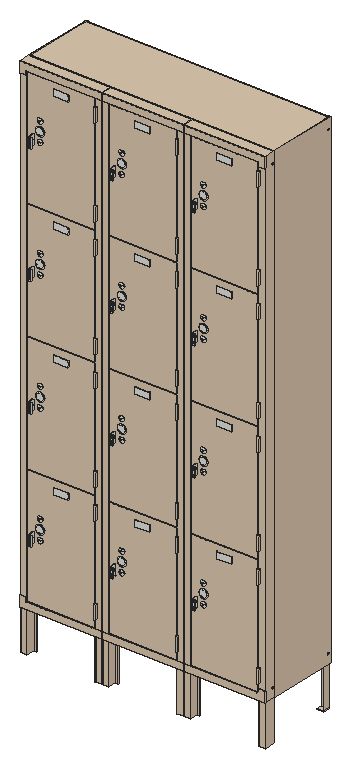
Revit family "Metal_Vented_Lockers-Salsbury_Industries-74000_Series-3_Wide_Units", category Specialty Equipment, Revit 2026 (continued)
Definition of nested family "Metal Locker Zee Base - 3 Wide"
  Forms (in)
    Extrusion 4, solid, material <- "Primary Structure Material", visible <- "Visible"
      sketch origin (0, 0, 0) x (0, -1, 0) y (1, 0, 0)
        loop
          line (-5.895, -17.9) -> (-4.895, -17.9) -> (-4.895, -16.9) -> (-5.895, -16.9) -> (-5.895, -17.9)
      from 0 to 0.06
    Extrusion 5, solid, material <- "Primary Structure Material", visible <- "Visible"
      sketch origin (0, 0, 0) x (0, 1, 0) y (0, 0, 1)
        loop
          line (-6.005, 4) -> (-6.005, 3.94) -> (-4.417, 3.94) -> (-4.417, 0) -> (-2.769, 0) -> (-2.769, 0.06) -> (-4.357, 0.06) -> (-4.357, 4) -> (-6.005, 4)
      from -18.02 to 18.02
  Dimensions and locks (in)
    equal spacing: plane 6 "Left Side of Unit", plane 3 "Center (Left/Right)", plane 7 "Right Side of Unit"
    "Width": plane 6 "Left Side of Unit" to plane 7 "Right Side of Unit"
    "Height": plane 5 "Bottom of Unit" to plane 4 "Floor"
    equal spacing: plane 9 "Front of Unit", plane 1 "Center (Front/Back)", plane 8 "Back of Unit"
    "Depth": plane 9 "Front of Unit" to plane 8 "Back of Unit"
    plane 12 "Top of back legs" to plane 5 "Bottom of Unit" = 0.185"
    plane 6 "Left Side of Unit" to plane 11 "Left Side of Door Opening" = 1.000"
    plane 10 "Right Side of Door Opening" to plane 7 "Right Side of Unit" = 1.000"
    locked: plane 9 "Front of Unit" to plane 13 "Back Edge of Front Facing" at 1.588
    plane 11 "Left Side of Door Opening" to plane 14 "Inside Edge of Front Leg" = 0.440"
    plane 15 "Inside Edge of Right Leg" to plane 10 "Right Side of Door Opening" = 0.440"
    plane 9 "Front of Unit" to plane 16 = 1.185"
    plane 15 "Inside Edge of Right Leg" to plane 21 "Inside Edge or Rear Right Leg" to plane 10 "Right Side of Door Opening" to plane 18 "Right Edge of Rear Right Leg" to plane 7 "Right Side of Unit" = 0.320", 0.120", 0.880", 0.120"
    plane 6 "Left Side of Unit" to plane 19 "Left Edge or Rear Left Leg" to plane 11 "Left Side of Door Opening" to plane 22 "Inside Edge or Left Rear Leg" to plane 14 "Inside Edge of Front Leg" = 0.120", 0.880", 0.120", 0.320"
    plane 20 to plane 17 "Back Edge of Rear Legs" to plane 8 "Back of Unit" = 1.000", 0.110"
    aligned and locked: level to plane 2
    aligned and locked: Extrusion 1 to Extrusion 2
    aligned and locked: Extrusion 4 to Extrusion 3
    aligned and locked: Extrusion 1 to plane 18 "Right Edge of Rear Right Leg"
    aligned and locked: Extrusion 1 to plane 17 "Back Edge of Rear Legs"
    aligned and locked: Extrusion 3 to plane 19 "Left Edge or Rear Left Leg"
    aligned and locked: plane 17 "Back Edge of Rear Legs" to Extrusion 3
    aligned and locked: Extrusion 1 to plane 12 "Top of back legs"
    aligned and locked: plane 12 "Top of back legs" to Extrusion 3
    aligned and locked: Extrusion 5 to plane 7 "Right Side of Unit"
    aligned and locked: plane 6 "Left Side of Unit" to Extrusion 5
  Automatic sketch dimensions
    plane 17 "Back Edge of Rear Legs" to Extrusion 1 sketch curve = 0.000"
    Extrusion 1 sketch curve to plane 21 "Inside Edge or Rear Right Leg" = 0.000"
    Extrusion 1 sketch curve to plane 18 "Right Edge of Rear Right Leg" = 0.000"
    plane 20 to Extrusion 1 sketch curve = 0.000"
    plane 17 "Back Edge of Rear Legs" to Extrusion 1 sketch curve = 0.060"
    plane 18 "Right Edge of Rear Right Leg" to Extrusion 1 sketch curve = 0.060"
    plane 17 "Back Edge of Rear Legs" to Extrusion 2 sketch curve = 0.000"
    Extrusion 2 sketch curve to plane 18 "Right Edge of Rear Right Leg" = 0.000"
    plane 20 to Extrusion 2 sketch curve = 0.000"
    Extrusion 2 sketch curve to plane 21 "Inside Edge or Rear Right Leg" = 0.000"
    plane 17 "Back Edge of Rear Legs" to Extrusion 3 sketch curve = 0.000"
    Extrusion 3 sketch curve to plane 22 "Inside Edge or Left Rear Leg" = 0.000"
    Extrusion 3 sketch curve to plane 19 "Left Edge or Rear Left Leg" = 0.000"
    plane 20 to Extrusion 3 sketch curve = 0.000"
    Extrusion 3 sketch curve to plane 17 "Back Edge of Rear Legs" = 0.060"
    Extrusion 3 sketch curve to plane 19 "Left Edge or Rear Left Leg" = 0.060"
    plane 17 "Back Edge of Rear Legs" to Extrusion 4 sketch curve = 0.000"
    Extrusion 4 sketch curve to plane 19 "Left Edge or Rear Left Leg" = 0.000"
    plane 20 to Extrusion 4 sketch curve = 0.000"
    Extrusion 4 sketch curve to plane 22 "Inside Edge or Left Rear Leg" = 0.000"
    Extrusion 5 sketch curve to plane 9 "Front of Unit" = 0.000"
    Extrusion 5 sketch curve to level = 0.000"
    Extrusion 5 sketch curve to plane 13 "Back Edge of Front Facing" = 0.000"
    plane 5 "Bottom of Unit" to Extrusion 5 sketch curve = 0.000"
    Extrusion 5 sketch curve to plane 13 "Back Edge of Front Facing" = 0.060"
    Extrusion 5 sketch curve to Extrusion 5 sketch curve = 1.588"
    level to Extrusion 5 sketch curve = 0.060"
    plane 5 "Bottom of Unit" to Extrusion 5 sketch curve = 0.060"
Definition of nested family "Metal Locker Zee Base-Right Side"
  Parameters (values of type "77578 Right - 18" D")
    Width including Rivet [instance] = 1.290"
    Visible = yes
    Primary Structure Material = none
    Depth = 16.362"
    Version = "1.0 (11/30/15)"
    Type Comments = "Zee Base Kit for Standard Metal Lockers - No Legs"
    Model = "77578"
    MasterFormat Title = ""
    MasterFormat Number = ""
    Manufacturer = "Salsbury Industries"
    Description = "4\" H x 6' L - for 12\" Deep Lockers (Includes 6 Foot Front Base, 2 End Bases, Corner Splicer and 4 Rear Legs)"
    Width = 4.000"
    Height = 4.000"
    Default Elevation = 0.000"
    Assembly Code = ""
  Types (4): name | Visible | Depth | Type Comments | Model | Description
    77572 Right - 12" D | yes | 10.362" | "Zee Base Kit for Standard Metal Lockers - No Legs" | "77572" | "4\" H x 6' L - for 12\" Deep Lockers (Includes 6 Foot Front Base, 2 End Bases, Corner Splicer and 4 Rear Legs)"
    77575 Right - 15" D | yes | 13.362" | "Zee Base Kit for Standard Metal Lockers - No Legs" | "77575" | "4\" H x 6' L - for 12\" Deep Lockers (Includes 6 Foot Front Base, 2 End Bases, Corner Splicer and 4 Rear Legs)"
    77578 Right - 18" D | yes | 16.362" | "Zee Base Kit for Standard Metal Lockers - No Legs" | "77578" | "4\" H x 6' L - for 12\" Deep Lockers (Includes 6 Foot Front Base, 2 End Bases, Corner Splicer and 4 Rear Legs)"
    None | no | 10.362" | "End Base for Standard Metal Lockers" | "" | ""
  Reference planes (in)
    plane 1 "Center (Front/Back)": y = 0
    plane 2: z = 0
    plane 3 "Center (Left/Right)": x = 3.99
    plane 4 "Floor": z = 0
    plane 5 "Top of Enclosure": z = 4
    plane 6 "Left Edge of Insert": x = 4.77
    plane 7 "Right Side of Unit": x = 5.99
    plane 8 "Left Edge of Enclosure": y = -8.181
    plane 9 "Right Edge of Enclosure": y = 8.181
    plane 10 "Bottom Edge of Enclosure": z = 0.06
    plane 11 "Left Edge of Base": x = 1.99
  Forms (in)
    Extrusion 1, solid, material <- "Primary Structure Material", visible <- "Visible"
      sketch origin (5.99, 0, 0) x (0, 0, -1) y (0, -1, 0)
        loop
          line (-4, 6.93967) -> (-4, -6.931) -> (-3.94, -6.931) -> (-3.94, 6.93967) -> (-4, 6.93967)
      from 0.06 to 1.22
    Extrusion 2, solid, material <- "Primary Structure Material", visible <- "Visible"
      sketch origin (0, 0, 0) x (0, -1, 0) y (1, 0, 0)
        loop
          line (-8.181, 1.99) -> (-8.121, 1.99) -> (-8.121, 5.93) -> (8.121, 5.93) -> (8.121, 1.99) -> (8.181, 1.99) -> (8.181, 5.99) -> (-8.181, 5.99) -> (-8.181, 1.99)
      from 0.06 to 4
  Dimensions and locks (in)
    "Height": plane 5 "Top of Enclosure" to plane 4 "Floor"
    equal spacing: plane 8 "Left Edge of Enclosure", plane 1 "Center (Front/Back)", plane 9 "Right Edge of Enclosure"
    "Depth": plane 8 "Left Edge of Enclosure" to plane 9 "Right Edge of Enclosure"
    "Width": plane 11 "Left Edge of Base" to plane 7 "Right Side of Unit"
    equal spacing: plane 11 "Left Edge of Base", plane 3 "Center (Left/Right)", plane 7 "Right Side of Unit"
    locked: plane 4 "Floor" to plane 10 "Bottom Edge of Enclosure" at 0.06
    aligned and locked: level to plane 2
    aligned and locked: plane 6 "Left Edge of Insert" to Extrusion 1
    aligned and locked: Extrusion 2 to plane 9 "Right Edge of Enclosure"
    aligned and locked: Extrusion 2 to plane 10 "Bottom Edge of Enclosure"
    aligned and locked: plane 11 "Left Edge of Base" to Extrusion 2
  Automatic sketch dimensions
    plane 5 "Top of Enclosure" to Extrusion 1 sketch curve = 0.000"
    Extrusion 1 sketch curve to Extrusion 1 sketch curve = 0.060"
    plane 9 "Right Edge of Enclosure" to Extrusion 1 sketch curve = 1.250"
    Extrusion 1 sketch curve to plane 8 "Left Edge of Enclosure" = 1.24133"
    Extrusion 2 sketch curve to plane 7 "Right Side of Unit" = 0.000"
    plane 9 "Right Edge of Enclosure" to Extrusion 2 sketch curve = 0.000"
    plane 6 "Left Edge of Insert" to Extrusion 2 sketch curve = 2.780"  (x2)
    Extrusion 2 sketch curve to Extrusion 2 sketch curve = 0.060"
    plane 7 "Right Side of Unit" to Extrusion 2 sketch curve = 0.060"
    Extrusion 2 sketch curve to plane 8 "Left Edge of Enclosure" = 0.060"
    Extrusion 2 sketch curve to plane 8 "Left Edge of Enclosure" = 0.000"
Definition of nested family "Metal Locker Zee Base-Left Side"
  Parameters (values of type "77572 Left - 12" D")
    Width including Rivet [instance] = 1.290"
    Visible = yes
    Primary Structure Material = none
    Depth = 10.362"
    Version = "1.0 (11/30/15)"
    Type Comments = "Zee Base Kit for Standard Metal Lockers - No Legs"
    Model = "77572"
    MasterFormat Title = ""
    MasterFormat Number = ""
    Manufacturer = "Salsbury Industries"
    Description = "4\" H x 6' L - for 12\" Deep Lockers (Includes 6 Foot Front Base, 2 End Bases, Corner Splicer and 4 Rear Legs)"
    Width = 4.000"
    Height = 4.000"
    Default Elevation = 0.000"
    Assembly Code = ""
  Types (4): name | Visible | Depth | Type Comments | Model | Description
    77572 Left - 12" D | yes | 10.362" | "Zee Base Kit for Standard Metal Lockers - No Legs" | "77572" | "4\" H x 6' L - for 12\" Deep Lockers (Includes 6 Foot Front Base, 2 End Bases, Corner Splicer and 4 Rear Legs)"
    77575 Left - 15" D | yes | 13.362" | "Zee Base Kit for Standard Metal Lockers - No Legs" | "77575" | "4\" H x 6' L - for 12\" Deep Lockers (Includes 6 Foot Front Base, 2 End Bases, Corner Splicer and 4 Rear Legs)"
    77578 Left- 18" D | yes | 16.362" | "Zee Base Kit for Standard Metal Lockers - No Legs" | "77578" | "4\" H x 6' L - for 12\" Deep Lockers (Includes 6 Foot Front Base, 2 End Bases, Corner Splicer and 4 Rear Legs)"
    None | no | 10.362" | "End Base for Standard Metal Lockers" | "" | ""
  Reference planes (in)
    plane 1 "Center (Front/Back)": y = 0
    plane 2: z = 0
    plane 3 "Center (Left/Right)": x = 3.99
    plane 4 "Floor": z = 0
    plane 5 "Top of Enclosure": z = 4
    plane 6 "Right Side of Unit": x = 5.99
    plane 7 "Left Edge of Enclosure": y = -5.181
    plane 8 "Right Edge of Enclosure": y = 5.181
    plane 9 "Bottom Edge of Enclosure": z = 0.06
    plane 10 "Left Edge of Base": x = 1.99
    plane 11 "Right Edge of Inser": x = 3.21
  Forms (in)
    Extrusion 1, solid, material <- "Primary Structure Material", visible <- "Visible"
      sketch origin (7.98, 0, 0) x (0, -1, 0) y (1, 0, 0)
        loop
          line (-5.181, -1.99) -> (-5.181, -5.99) -> (5.181, -5.99) -> (5.181, -1.99) -> (5.121, -1.99) -> (5.121, -5.93) -> (-5.121, -5.93) -> (-5.121, -1.99) -> (-5.181, -1.99)
      from 0.06 to 4
    Extrusion 2, solid, material <- "Primary Structure Material", visible <- "Visible"
      sketch origin (1.99, 0, 0) x (0, 0, -1) y (0, 1, 0)
        loop
          line (-4, -3.93967) -> (-3.94, -3.93967) -> (-3.94, 3.931) -> (-4, 3.931) -> (-4, -3.93967)
      from 0.06 to 1.22
  Dimensions and locks (in)
    "Height": plane 5 "Top of Enclosure" to plane 4 "Floor"
    equal spacing: plane 7 "Left Edge of Enclosure", plane 1 "Center (Front/Back)", plane 8 "Right Edge of Enclosure"
    "Depth": plane 7 "Left Edge of Enclosure" to plane 8 "Right Edge of Enclosure"
    "Width": plane 10 "Left Edge of Base" to plane 6 "Right Side of Unit"
    equal spacing: plane 10 "Left Edge of Base", plane 3 "Center (Left/Right)", plane 6 "Right Side of Unit"
    locked: plane 4 "Floor" to plane 9 "Bottom Edge of Enclosure" at 0.06
    aligned and locked: level to plane 2
    aligned and locked: plane 10 "Left Edge of Base" to Extrusion 1
  Automatic sketch dimensions
    plane 8 "Right Edge of Enclosure" to Extrusion 1 sketch curve = 0.000"
    Extrusion 1 sketch curve to plane 6 "Right Side of Unit" = 0.000"  (x2)
    plane 7 "Left Edge of Enclosure" to Extrusion 1 sketch curve = 0.000"
    Extrusion 1 sketch curve to plane 10 "Left Edge of Base" = 0.000"
    Extrusion 1 sketch curve to Extrusion 1 sketch curve = 0.060"
    plane 7 "Left Edge of Enclosure" to Extrusion 1 sketch curve = 0.060"
    plane 10 "Left Edge of Base" to Extrusion 1 sketch curve = 0.060"
    plane 5 "Top of Enclosure" to Extrusion 2 sketch curve = 0.000"
    Extrusion 2 sketch curve to Extrusion 2 sketch curve = 0.060"
    Extrusion 2 sketch curve to plane 7 "Left Edge of Enclosure" = 1.24133"
    plane 8 "Right Edge of Enclosure" to Extrusion 2 sketch curve = 1.250"
Definition of nested family "Metal Locker Zee Base Corner"
  Parameters (values of type "77572, 77575, 77578")
    Width = 2.000"
    Visible = yes
    Version = "1.0 (11/30/15)"
    Type Comments = "Zee Base Kit for Standard Metal Lockers - No Legs"
    Primary Structure Material = none
    Model = "n/a"
    Manufacturer = "Salsbury Industries"
    Height = 3.940"
    Description = "4\" H x 6' L - for 12\" Deep Lockers (Includes 6 Foot Front Base, 2 End Bases, Corner Splicer and 4 Rear Legs)"
    Depth = 2.000"
    Default Elevation = 0.000"
  Types (2): name | Visible
    77572, 77575, 77578 | yes
    None | no
  Reference planes (in)
    plane 1 "Center (Front/Back)": y = 0
    plane 2 "Bottom of Component": z = 0
    plane 3 "Center (Left/Right)": x = 0
    plane 4: z = 3.94
    plane 5: x = -1
    plane 6: x = 1
    plane 7 "Front": y = -1
    plane 8 "Back": y = 1
  Forms (in)
    Extrusion 1, solid, material <- "Primary Structure Material", visible <- "Visible"
      sketch origin (0, 0, 0) x (1, 0, 0) y (0, 1, 0)
        loop
          line (-1, 1) -> (-1, 0.94) -> (0.94, 0.94) -> (0.94, -1) -> (1, -1) -> (1, 1) -> (-1, 1)
      from 0 to 3.94
  Dimensions and locks (in)
    "Height": plane 4 to plane 2 "Bottom of Component"
    equal spacing: plane 5, plane 3 "Center (Left/Right)", plane 6
    "Width": plane 5 to plane 6
    equal spacing: plane 7 "Front", plane 1 "Center (Front/Back)", plane 8 "Back"
    "Depth": plane 7 "Front" to plane 8 "Back"
    aligned and locked: plane 2 "Bottom of Component" to level
  Automatic sketch dimensions
    Extrusion 1 sketch curve to plane 5 = 0.000"
    plane 7 "Front" to Extrusion 1 sketch curve = 0.000"
    Extrusion 1 sketch curve to plane 6 = 0.000"
    plane 8 "Back" to Extrusion 1 sketch curve = 0.000"
    plane 6 to Extrusion 1 sketch curve = 0.060"
    Extrusion 1 sketch curve to Extrusion 1 sketch curve = 0.060"
Definition of nested family "Metal Locker End Panel"
  Parameters (values of type "77362 - for 6' H x 12" D Lockers")
    Width = 0.925"
    Visible = yes
    Version = "1.0 (11/30/15)"
    Type Comments = "Finished End Panel for Standard Metal Lockers"
    Primary Structure Material = none
    Model = "77362"
    MasterFormat Title = ""
    MasterFormat Number = ""
    Manufacturer = "Salsbury Industries"
    Height = 72.000"
    Description = "End Panel for 6' H x 12\" Deep Lockers"
    Depth = 12.010"
    Default Elevation = 0.000"
    Assembly Code = ""
  Types (7): name | Visible | Model | Height | Description | Depth
    77362 - for 6' H x 12" D Lockers | yes | "77362" | 72.000" | "End Panel for 6' H x 12\" Deep Lockers" | 12.010"
    77365 - for 6' H x 15" D Lockers | yes | "77365" | 72.000" | "End Panel for 6' H x 15\" Deep Lockers" | 15.010"
    77368 - for 6' H X 18" D Lockers | yes | "77368" | 72.000" | "End Panel for 6' H x 18\" Deep Lockers" | 18.010"
    77352 - for 5' H x 12" D Lockers | yes | "77352" | 60.000" | "End Panel for 5' H x 12\" Deep Lockers" | 12.010"
    77355 - for 5' H x 15" D Lockers | yes | "77355" | 60.000" | "End Panel for 5' H x 15\" Deep Lockers" | 15.010"
    77358 - for 5' H x 18" D Lockers | yes | "77358" | 60.000" | "End Panel for 5' H x 18\" Deep Lockers" | 18.010"
    None | no | "n/a" | 72.000" | "" | 12.010"
  Reference planes (in)
    plane 1 "Center (Front/Back)": y = -2.167
    plane 2: z = 0
    plane 3 "Center (Left/Right)": x = -4.595
    plane 4 "Bottom of Panel": z = 0
    plane 5 "Top of Panel": z = 72
    plane 6 "Front of Panel": y = -8.172
    plane 7 "Right Side of Enclosure": x = -4.1325
    plane 8 "Left Side of Enclosure": x = -5.0575
    plane 9 "Back of Panel": y = 3.838
    plane 10: z = 36
    plane 11: z = 70.283
    plane 12: z = 1.717
    plane 13 "Outside Edge of Front Flap": y = -8.23214
    plane 14 "Outside Edge of Back Flap": y = 3.898
  Forms (in)
    Extrusion 1, solid, material <- "Primary Structure Material", visible <- "Visible"
      sketch origin (-4.1325, 0.48244, 0) x (0, 0, -1) y (0, -1, 0)
        loop
          line (-72, 8.71458) -> (-72, -3.41556) -> (0, -3.41556) -> (0, 8.71458) -> (-72, 8.71458)
      from 0 to -0.06
    Extrusion 2, solid, material <- "Primary Structure Material", visible <- "Visible"
      sketch origin (0, 3.838, 0) x (0, 0, -1) y (1, 0, 0)
        loop
          line (-72, -5.0575) -> (0, -5.0575) -> (0, -4.1325) -> (-72, -4.1325) -> (-72, -5.0575)
      from 0 to -0.06
    Extrusion 3, solid, material <- "Primary Structure Material", visible <- "Visible"
      sketch origin (0, -8.172, 0) x (1, 0, 0) y (0, 0, 1)
        loop
          line (-5.0575, 70.283) -> (-5.0575, 1.717) -> (-4.1325, 1.717) -> (-4.1325, 70.283) -> (-5.0575, 70.283)
      from 0.06014 to 0
  Dimensions and locks (in)
    equal spacing: plane 6 "Front of Panel", plane 1 "Center (Front/Back)", plane 9 "Back of Panel"
    "Depth": plane 6 "Front of Panel" to plane 9 "Back of Panel"
    equal spacing: plane 8 "Left Side of Enclosure", plane 3 "Center (Left/Right)", plane 7 "Right Side of Enclosure"
    "Width": plane 8 "Left Side of Enclosure" to plane 7 "Right Side of Enclosure"
    equal spacing: plane 5 "Top of Panel", plane 10, plane 2
    "Height": plane 5 "Top of Panel" to plane 2
    locked: plane 5 "Top of Panel" to plane 11 at 1.717
    locked: plane 13 "Outside Edge of Front Flap" to plane 6 "Front of Panel" at 0.06014
    locked: plane 9 "Back of Panel" to plane 14 "Outside Edge of Back Flap" at 0.06
    aligned and locked: level to plane 2
    aligned and locked: plane 5 "Top of Panel" to Extrusion 1 sketch curve
    aligned and locked: plane 5 "Top of Panel" to Extrusion 2 sketch curve
    aligned and locked: Extrusion 2 to plane 9 "Back of Panel"
    aligned and locked: plane 11 to Extrusion 3 sketch curve
    aligned and locked: plane 6 "Front of Panel" to Extrusion 3
    aligned and locked: plane 14 "Outside Edge of Back Flap" to Extrusion 2
    aligned and locked: Extrusion 1 to plane 14 "Outside Edge of Back Flap"
    aligned and locked: plane 13 "Outside Edge of Front Flap" to Extrusion 3
    aligned and locked: Extrusion 2 to plane 7 "Right Side of Enclosure"
    aligned and locked: Extrusion 3 to plane 7 "Right Side of Enclosure"
  Automatic sketch dimensions
    Extrusion 1 sketch curve to level = 0.000"
    Extrusion 2 sketch curve to level = 0.000"
    plane 8 "Left Side of Enclosure" to Extrusion 2 sketch curve = 0.000"
    plane 7 "Right Side of Enclosure" to Extrusion 2 sketch curve = 0.000"
    plane 8 "Left Side of Enclosure" to Extrusion 3 sketch curve = 0.000"
    Extrusion 3 sketch curve to plane 12 = 0.000"
    plane 7 "Right Side of Enclosure" to Extrusion 3 sketch curve = 0.000"
    Extrusion 1 sketch curve to plane 14 "Outside Edge of Back Flap" = 0.000"
    plane 6 "Front of Panel" to Extrusion 1 sketch curve = 0.06014"
Definition of nested family "Metal Locker Front Filler"
  Parameters (values of type "77869 - for 6' H Lockers (Zee Base or No Legs)")
    Width = 9.000"
    Visible = yes
    Version = "1.0 (11/30/15)"
    Type Comments = "Vertical Front Filler for Standard Metal Lockers"
    Primary Structure Material = none
    Model = "77865"
    MasterFormat Title = ""
    MasterFormat Number = ""
    Manufacturer = "Salsbury Industries"
    Height = 72.000"
    Description = "9\" W Vertical Front Filler for 6' H Lockers"
    Depth = 1.500"
    Default Elevation = 0.000"
    Assembly Code = ""
  Types (9): name | Width | Visible | Model | Height | Description | Depth
    77865 - for 6' H Lockers with Legs | 15.000" | yes | "77865" | 78.000" | "15\" W Vertical Front Filler for 6' H Lockers" | 1.000"
    77869 - for 6' H Lockers with Legs | 9.000" | yes | "77865" | 78.000" | "9\" W Vertical Front Filler for 6' H Lockers" | 1.000"
    77855 - for 5' H Lockers with Legs | 15.000" | yes | "77855" | 66.000" | "15\" W Vertical Front Filler for 5' H Lockers" | 1.000"
    77859 - for 5' H Lockers with Legs | 9.000" | yes | "77859" | 66.000" | "9\" W Vertical Front Filler for 5' H Lockers" | 1.000"
    None | 15.000" | no | "n/a" | 78.000" | "" | 1.500"
    77865 - for 6' H Lockers (Zee Base or No Legs) | 15.000" | yes | "77865" | 72.000" | "15\" W Vertical Front Filler for 6' H Lockers" | 1.000"
    77869 - for 6' H Lockers (Zee Base or No Legs) | 9.000" | yes | "77865" | 72.000" | "9\" W Vertical Front Filler for 6' H Lockers" | 1.500"
    77859 - for 5' H Lockers (Zee Base or No Legs) | 9.000" | yes | "77859" | 60.000" | "9\" W Vertical Front Filler for 5' H Lockers" | 1.000"
    77855 - for 5' H Lockers (Zee Base or No Legs) | 15.000" | yes | "77855" | 60.000" | "15\" W Vertical Front Filler for 5' H Lockers" | 1.000"
  Reference planes (in)
    plane 1 "Center (Front/Back)": y = -2.167
    plane 2: z = 0
    plane 3 "Center (Left/Right)": x = -4.595
    plane 4 "Bottom of Filler": z = 0
    plane 5 "Top of Panel": z = 72
    plane 6 "Front of Filler": y = -2.917
    plane 7 "Right Side of Filler": x = -0.095
    plane 8 "Left Side of Filler": x = -9.095
    plane 9 "Back of Filler": y = -1.417
    plane 10: z = 36
  Forms (in)
    Extrusion 1, solid, material <- "Primary Structure Material", visible <- "Visible"
      sketch origin (0, 0, 0) x (0, -1, 0) y (1, 0, 0)
        loop
          line (1.417, -9.095) -> (2.917, -9.095) -> (2.917, -1.095) -> (2.869, -1.095) -> (2.869, -9.047) -> (1.417, -9.047) -> (1.417, -9.095)
      from 0 to 72
    Extrusion 2, solid, material <- "Primary Structure Material", visible <- "Visible"
      sketch origin (0, -0.20425, 0) x (0, -1, 0) y (1, 0, 0)
        loop
          line (1.30875, -0.095) -> (1.30875, -0.143) -> (2.76075, -0.143) -> (2.76075, -1.595) -> (2.80875, -1.595) -> (2.80875, -0.095) -> (1.30875, -0.095)
      from 0 to 72
    Extrusion 3, solid, material <- "Primary Structure Material", visible <- "Visible"
      sketch origin (0, 0.10825, 0) x (0, -1, 0) y (1, 0, 0)
        loop
          line (3.07325, -1.595) -> (3.07325, -0.82524) -> (3.02525, -0.82524) -> (3.02525, -1.376) -> (3.02525, -1.449) -> (3.02525, -1.522) -> (3.02525, -1.595) -> (3.07325, -1.595)
      from 0 to 72
    Extrusion 4, solid, material <- "Primary Structure Material", visible <- "Visible"
      sketch origin (0, 0, 0) x (0, -1, 0) y (1, 0, 0)
        loop
          line (2.917, -0.82524) -> (2.821, -0.82524) -> (2.821, -1.80024) -> (2.869, -1.80024) -> (2.869, -0.87324) -> (2.917, -0.87324) -> (2.917, -0.82524)
      from 0 to 72
  Dimensions and locks (in)
    equal spacing: plane 6 "Front of Filler", plane 1 "Center (Front/Back)", plane 9 "Back of Filler"
    "Depth": plane 6 "Front of Filler" to plane 9 "Back of Filler"
    equal spacing: plane 8 "Left Side of Filler", plane 3 "Center (Left/Right)", plane 7 "Right Side of Filler"
    "Width": plane 8 "Left Side of Filler" to plane 7 "Right Side of Filler"
    equal spacing: plane 5 "Top of Panel", plane 10, plane 2
    "Height": plane 5 "Top of Panel" to plane 2
    aligned and locked: level to plane 2
    aligned and locked: Extrusion 1 to plane 5 "Top of Panel"
    aligned and locked: Extrusion 2 to plane 5 "Top of Panel"
    aligned and locked: Extrusion 3 to plane 5 "Top of Panel"
    aligned and locked: Extrusion 4 to plane 5 "Top of Panel"
  Automatic sketch dimensions
    plane 9 "Back of Filler" to Extrusion 1 sketch curve = 0.000"
    plane 6 "Front of Filler" to Extrusion 1 sketch curve = 0.000"
    Extrusion 1 sketch curve to plane 8 "Left Side of Filler" = 0.000"
    Extrusion 1 sketch curve to plane 6 "Front of Filler" = 0.048"
    Extrusion 1 sketch curve to Extrusion 1 sketch curve = 0.048"
    plane 7 "Right Side of Filler" to Extrusion 1 sketch curve = 1.000"
    Extrusion 2 sketch curve to plane 7 "Right Side of Filler" = 0.000"
    plane 7 "Right Side of Filler" to Extrusion 2 sketch curve = 0.048"
    plane 9 "Back of Filler" to Extrusion 2 sketch curve = 0.096"
    plane 6 "Front of Filler" to Extrusion 2 sketch curve = 0.048"
    Extrusion 2 sketch curve to Extrusion 2 sketch curve = 0.048"
    Extrusion 2 sketch curve to Extrusion 2 sketch curve = 1.452"
    plane 6 "Front of Filler" to Extrusion 3 sketch curve = 0.000"
    plane 7 "Right Side of Filler" to Extrusion 3 sketch curve = 1.500"
    Extrusion 3 sketch curve to Extrusion 3 sketch curve = 0.073"  (x3)
    Extrusion 3 sketch curve to Extrusion 3 sketch curve = 0.55076"
    Extrusion 3 sketch curve to Extrusion 3 sketch curve = 0.048"
    plane 6 "Front of Filler" to Extrusion 4 sketch curve = 0.000"
    Extrusion 4 sketch curve to plane 6 "Front of Filler" = 0.048"
    Extrusion 4 sketch curve to Extrusion 4 sketch curve = 0.048"  (x2)
    plane 7 "Right Side of Filler" to Extrusion 4 sketch curve = 1.70524"
    plane 7 "Right Side of Filler" to Extrusion 4 sketch curve = 0.77824"
Definition of nested family "Metal Locker Flat Top Filler"
  Parameters (values of type "77842 - for 12" Deep Lockers (15" W)")
    Width = 16.250"
    Visible = yes
    Version = "1.0 (11/30/15)"
    Type Comments = "Flat Top Filler for Standard Metal Lockers"
    Primary Structure Material = none
    Model = "77842"
    MasterFormat Title = ""
    MasterFormat Number = ""
    Manufacturer = "Salsbury Industries"
    Height = 1.003"
    Description = "15\"W Flat Top In-Line Filler"
    Depth = 12.118"
    Default Elevation = 0.000"
    Assembly Code = ""
  Types (7): name | Width | Visible | Model | Depth
    77842 - for 12" Deep Lockers (15" W) | 16.250" | yes | "77842" | 12.118"
    77842 - for 12" Deep Lockers (9" W) | 10.250" | yes | "77842" | 12.118"
    77845 - for 15" Deep Lockers (15" W) | 16.250" | yes | "77845" | 15.118"
    77845 - for 15" Deep Lockers (9" W) | 10.250" | yes | "77845" | 15.118"
    77848 - for 18" Deep Lockers (15" W) | 16.250" | yes | "77848" | 18.118"
    77848 - for 18" Deep Lockers (9" W) | 10.250" | yes | "77848" | 18.118"
    None | 16.250" | no | "" | 12.118"
  Reference planes (in)
    plane 1 "Center (Front/Back)": y = -2.167
    plane 2: z = 0
    plane 3 "Center (Left/Right)": x = -4.595
    plane 4 "Bottom of Panel": z = 0
    plane 5 "Top of Panel": z = 1.003
    plane 6 "Front of Panel": y = -8.226
    plane 7 "Right Side of Enclosure": x = 3.53
    plane 8 "Left Side of Enclosure": x = -12.72
    plane 9 "Back of Panel": y = 3.892
    plane 10: z = 0.5015
  Forms (in)
    Extrusion 1, solid, material <- "Primary Structure Material", visible <- "Visible"
      sketch origin (-4.595, 0, 0) x (0, 1, 0) y (0, 0, 1)
        loop
          line (-8.226, 0) -> (-8.178, 0) -> (-8.178, 0.955) -> (3.892, 0.955) -> (3.892, 1.003) -> (-8.226, 1.003) -> (-8.226, 0)
      from -8.125 to 8.125
  Dimensions and locks (in)
    equal spacing: plane 6 "Front of Panel", plane 1 "Center (Front/Back)", plane 9 "Back of Panel"
    "Depth": plane 6 "Front of Panel" to plane 9 "Back of Panel"
    equal spacing: plane 8 "Left Side of Enclosure", plane 3 "Center (Left/Right)", plane 7 "Right Side of Enclosure"
    "Width": plane 8 "Left Side of Enclosure" to plane 7 "Right Side of Enclosure"
    equal spacing: plane 5 "Top of Panel", plane 10, plane 2
    "Height": plane 5 "Top of Panel" to plane 2
    aligned and locked: level to plane 2
    aligned and locked: Extrusion 1 to plane 7 "Right Side of Enclosure"
    aligned and locked: plane 8 "Left Side of Enclosure" to Extrusion 1
    aligned and locked: plane 6 "Front of Panel" to Extrusion 1
    aligned and locked: Extrusion 1 to plane 9 "Back of Panel"
  Automatic sketch dimensions
    plane 5 "Top of Panel" to Extrusion 1 sketch curve = 0.000"
    Extrusion 1 sketch curve to plane 6 "Front of Panel" = 0.000"
    Extrusion 1 sketch curve to level = 0.000"
    Extrusion 1 sketch curve to plane 9 "Back of Panel" = 0.000"
    Extrusion 1 sketch curve to plane 6 "Front of Panel" = 0.048"
    plane 5 "Top of Panel" to Extrusion 1 sketch curve = 0.048"
Definition of nested family "Metal Locker Flat Corner Filler"
  Parameters (values of type "77832 - for 12" Deep Lockers")
    Width = 12.625"
    Visible = yes
    Version = "1.0 (11/30/15)"
    Type Comments = "Flat Top Corner Filler for Standard Metal Lockers"
    Primary Structure Material = none
    Model = "77832"
    MasterFormat Title = ""
    MasterFormat Number = ""
    Manufacturer = "Salsbury Industries"
    Height = 0.048"
    Description = "12\"W Flat Top Corner Filler"
    Depth = 12.625"
    Default Elevation = 0.000"
    Assembly Code = ""
  Types (4): name | Width | Visible | Model | Description | Depth
    77832 - for 12" Deep Lockers | 12.625" | yes | "77832" | "12\"W Flat Top Corner Filler" | 12.625"
    77835 - for 15" Deep Lockers | 15.625" | yes | "77835" | "15\"W Flat Top Corner Filler" | 15.625"
    77838 - for 18" Deep Lockers | 18.625" | yes | "77838" | "18\"W Flat Top Corner Filler" | 18.625"
    None | 12.625" | no | "" | "" | 12.625"
  Reference planes (in)
    plane 1 "Center (Front/Back)": y = -2.167
    plane 2: z = 0
    plane 3 "Center (Left/Right)": x = -4.595
    plane 4 "Bottom of Panel": z = 0
    plane 5 "Top of Panel": z = 0.048
    plane 6 "Front of Panel": y = -8.4795
    plane 7 "Right Side of Enclosure": x = 1.7175
    plane 8 "Left Side of Enclosure": x = -10.9075
    plane 9 "Back of Panel": y = 4.1455
    plane 10: z = 0.024
  Forms (in)
    Extrusion 1, solid, material <- "Primary Structure Material", visible <- "Visible"
      sketch origin (0, 0, 0) x (0, -1, 0) y (1, 0, 0)
        loop
          line (7.8545, -10.9075) -> (7.8545, -10.2825) -> (8.4795, -10.2825) -> (8.4795, 1.7175) -> (-4.1455, 1.7175) -> (-4.1455, -10.9075) -> (7.8545, -10.9075)
      from 0 to 0.048
  Dimensions and locks (in)
    equal spacing: plane 6 "Front of Panel", plane 1 "Center (Front/Back)", plane 9 "Back of Panel"
    "Depth": plane 6 "Front of Panel" to plane 9 "Back of Panel"
    equal spacing: plane 8 "Left Side of Enclosure", plane 3 "Center (Left/Right)", plane 7 "Right Side of Enclosure"
    "Width": plane 8 "Left Side of Enclosure" to plane 7 "Right Side of Enclosure"
    equal spacing: plane 5 "Top of Panel", plane 10, plane 2
    "Height": plane 5 "Top of Panel" to plane 2
    aligned and locked: level to plane 2
    aligned and locked: Extrusion 1 to plane 9 "Back of Panel"
    aligned and locked: plane 6 "Front of Panel" to Extrusion 1
    aligned and locked: Extrusion 1 to plane 7 "Right Side of Enclosure"
    aligned and locked: plane 8 "Left Side of Enclosure" to Extrusion 1
  Automatic sketch dimensions
    Extrusion 1 sketch curve to plane 8 "Left Side of Enclosure" = 0.000"
    plane 9 "Back of Panel" to Extrusion 1 sketch curve = 0.000"
    plane 6 "Front of Panel" to Extrusion 1 sketch curve = 0.000"
    Extrusion 1 sketch curve to plane 7 "Right Side of Enclosure" = 0.000"
    Extrusion 1 sketch curve to plane 8 "Left Side of Enclosure" = 0.625"
    Extrusion 1 sketch curve to plane 6 "Front of Panel" = 0.625"
Definition of nested family "Metal Locker Sloping Top Filler"
  Parameters (values of type "77882 - for 12" Deep Lockers (15" W)")
    Width = 16.250"
    Visible = yes
    Version = "1.0 (11/30/15)"
    Type Comments = "Sloping Hood In-Line Filler for Standard Metal Lockers"
    Slope Angle = 28.761°
    Primary Structure Material = none
    Model = "77882"
    MasterFormat Title = ""
    MasterFormat Number = ""
    Manufacturer = "Salsbury Industries"
    Height = 1.003"
    Description = "15\"W Sloping Hood In-Line Filler"
    Depth = 12.118"
    Default Elevation = 0.000"
    Assembly Code = ""
  Types (7): name | Width | Visible | Type Comments | Slope Angle | Model | Description | Depth
    77882 - for 12" Deep Lockers (15" W) | 16.250" | yes | "Sloping Hood In-Line Filler for Standard Metal Lockers" | 28.761° | "77882" | "15\"W Sloping Hood In-Line Filler" | 12.118"
    77882 - for 12" Deep Lockers (9" W) | 10.250" | yes | "Sloping Hood In-Line Filler for Standard Metal Lockers" | 28.761° | "77882" | "15\"W Sloping Hood In-Line Filler" | 12.118"
    77885 - for 15" Deep Lockers (15" W) | 16.250" | yes | "Sloping Hood In-Line Filler for Standard Metal Lockers" | 29.946° | "77885" | "15\"W Sloping Hood In-Line Filler" | 15.118"
    77885 - for 15" Deep Lockers (9" W) | 10.250" | yes | "Sloping Hood In-Line Filler for Standard Metal Lockers" | 29.946° | "77885" | "15\"W Sloping Hood In-Line Filler" | 15.118"
    77888 - for 18" Deep Lockers (15" W) | 16.250" | yes | "Sloping Hood In-Line Filler for Standard Metal Lockers" | 30.723° | "77888" | "15\"W Sloping Hood In-Line Filler" | 18.118"
    77888 - for 18" Deep Lockers (9" W) | 10.250" | yes | "Sloping Hood In-Line Filler for Standard Metal Lockers" | 30.723° | "77888" | "15\"W Sloping Hood In-Line Filler" | 18.118"
    None | 16.250" | no | "Sloping Hood for Standard Metal Lockers" | 28.761° | "" | "" | 12.118"
  Reference planes (in)
    plane 1 "Center (Front/Back)": y = -2.167
    plane 2: z = 0
    plane 3 "Center (Left/Right)": x = -4.595
    plane 4 "Bottom of Panel": z = 0
    plane 5 "Top of Panel": z = 1.003
    plane 6 "Front of Panel": y = -8.226
    plane 7 "Right Side of Enclosure": x = 3.53
    plane 8 "Left Side of Enclosure": x = -12.72
    plane 9 "Back of Panel": y = 3.892
    plane 10: z = 0.5015
    plane 11: through (0, -7.6072, 0.33964) normal (0, -0.4812, 0.8766)
    plane 12: through (0, -7.72698, 0.21914) normal (0, -0.4812, 0.8766)
  Forms (in)
    Extrusion 1, solid, material <- "Primary Structure Material", visible <- "Visible"
      sketch origin (-4.595, 0, 0) x (0, 1, 0) y (0, 0, 1)
        loop
          line (3.892, 6.65119) -> (-8.226, 0) -> (-8.226, -1.028) -> (-8.178, -1.028) -> (-8.178, -0.02841) -> (3.892, 6.59643) -> (3.892, 6.65119)
      from -8.125 to 8.125
  Dimensions and locks (in)
    equal spacing: plane 6 "Front of Panel", plane 1 "Center (Front/Back)", plane 9 "Back of Panel"
    "Depth": plane 6 "Front of Panel" to plane 9 "Back of Panel"
    equal spacing: plane 8 "Left Side of Enclosure", plane 3 "Center (Left/Right)", plane 7 "Right Side of Enclosure"
    "Width": plane 8 "Left Side of Enclosure" to plane 7 "Right Side of Enclosure"
    equal spacing: plane 5 "Top of Panel", plane 10, plane 2
    "Height": plane 5 "Top of Panel" to plane 2
    locked: plane 11 to plane 12 at 0.048
    "Slope Angle": angle plane 4 "Bottom of Panel" to plane 11
    aligned and locked: level to plane 2
    aligned and locked: plane 11 to Extrusion 1 sketch curve
    aligned and locked: plane 12 to Extrusion 1 sketch curve
    aligned and locked: Extrusion 1 to plane 7 "Right Side of Enclosure"
    aligned and locked: plane 8 "Left Side of Enclosure" to Extrusion 1
  Automatic sketch dimensions
    Extrusion 1 sketch curve to plane 6 "Front of Panel" = 0.000"
    Extrusion 1 sketch curve to Extrusion 1 sketch curve = 0.99959"
    Extrusion 1 sketch curve to level = 0.02841"
    Extrusion 1 sketch curve to plane 9 "Back of Panel" = 0.000"
Definition of nested family "Metal Locker Sloping Corner Filler"
  Parameters (values of type "77872 - for 12" Deep Lockers")
    Width = 12.695"
    Visible = yes
    Version = "1.0 (11/30/15)"
    Type Comments = "Sloping Hood Corner Filler for Standard Metal Lockers"
    Slope Angle 2 = 28.761°
    Slope Angle 1 = 28.761°
    Primary Structure Material = none
    Model = "77872"
    MasterFormat Title = ""
    MasterFormat Number = ""
    Manufacturer = "Salsbury Industries"
    Height = 6.87897"
    Description = "12\"D Sloping Hood Corner Filler"
    Depth = 12.695"
    Default Elevation = 0.000"
    Assembly Code = ""
  Types (4): name | Width | Visible | Slope Angle 2 | Slope Angle 1 | Model | Description | Depth
    77872 - for 12" Deep Lockers | 12.695" | yes | 28.761° | 28.761° | "77872" | "12\"D Sloping Hood Corner Filler" | 12.695"
    77875 - for 15" Deep Lockers | 15.695" | yes | 29.946° | 29.946° | "77875" | "15\"D Sloping Hood Corner Filler" | 15.695"
    77878 - for 18" Deep Lockers | 18.695" | yes | 30.723° | 30.723° | "77878" | "18\"D Sloping Hood Corner Filler" | 18.695"
    None | 12.695" | no | 28.723° | 28.723° | "" | "" | 12.695"
  Reference planes (in)
    plane 1 "Center (Front/Back)": y = -2.167
    plane 2: z = 0
    plane 3 "Center (Left/Right)": x = -4.595
    plane 4 "Bottom of Panel": z = 0
    plane 5 "Top of Panel": z = 6.87897
    plane 6 "Front of Panel": y = -8.5145
    plane 7 "Right Side of Enclosure": x = 1.7525
    plane 8 "Left Side of Enclosure": x = -10.9425
    plane 9 "Back of Panel": y = 4.1805
    plane 10 "Center Top/Bottom": z = 3.43948
    plane 11 "Slope 1": through (0, -7.42276, 0.59922) normal (0, -0.4812, 0.8766)
    plane 12: through (0, -7.54254, 0.47872) normal (0, -0.4812, 0.8766)
    plane 13 "Diagonal Plane": through (-10.86131, 4.09969, 48) normal (0.7071, 0.7071, 0)
    plane 14 "Cutout Plane 1": y = -7.8895
    plane 15 "Cutout Plane 2": x = 1.1275
    plane 16 "Slope 2": through (1.43902, -180, 0.17206) normal (-0.4812, 0, -0.8766)
    plane 17: through (5.04554, -180, -1.86199) normal (-0.4812, 0, -0.8766)
  Forms (in)
    Extrusion 1, solid, material <- "Primary Structure Material", visible <- "Visible"
      sketch origin (-4.595, 0, 0) x (0, 1, 0) y (0, 0, 1)
        loop
          line (-7.8895, 0.28829) -> (4.1805, 6.91313) -> (4.1805, 6.96789) -> (-7.8895, 0.34304) -> (-7.8895, 0.28829)
      from -6.3475 to 6.3475
    Extrusion 2, void
      sketch origin (0, 0, 3.43948) x (1, 0, 0) y (0, 1, 0)
        loop
          line (1.75288, -8.5145) -> (-10.9425, 4.18088) -> (-10.9425, -8.5145) -> (1.75288, -8.5145)
      from -3.43948 to 8.2673
    Extrusion 3, solid, material <- "Primary Structure Material", visible <- "Visible"
      sketch origin (0, -2.167, 0) x (1, 0, 0) y (0, 0, 1)
        loop
          line (1.1275, 0.2885) -> (1.1275, 0.34304) -> (-10.9425, 6.96789) -> (-10.9425, 6.91334) -> (1.1275, 0.2885)
      from -6.3475 to 6.3475
    Extrusion 4, void
      sketch origin (-4.595, 0, 0) x (0, 1, 0) y (0, 0, 1)
        loop
          line (4.1805, 0) -> (4.1805, 6.91313) -> (-8.41474, 0) -> (4.1805, 0)
      from -6.3475 to 6.3475
    Extrusion 5, solid, not visible
      sketch origin (1.1275, 0, 0) x (0, -1, 0) y (0, 0, 1)
        loop
          line (8.60982, 0.2885) -> (7.8895, 0.2885) -> (7.8895, 0) -> (8.60982, 0) -> (8.60982, 0.2885)
      from -0.72026 to 0
  Cuts and joins
    Extrusion 2, Extrusion 4 cuts Extrusion 1
    Extrusion 4 cuts Extrusion 3
  Dimensions and locks (in)
    equal spacing: plane 6 "Front of Panel", plane 1 "Center (Front/Back)", plane 9 "Back of Panel"
    "Depth": plane 6 "Front of Panel" to plane 9 "Back of Panel"
    equal spacing: plane 8 "Left Side of Enclosure", plane 3 "Center (Left/Right)", plane 7 "Right Side of Enclosure"
    "Width": plane 8 "Left Side of Enclosure" to plane 7 "Right Side of Enclosure"
    equal spacing: plane 5 "Top of Panel", plane 10 "Center Top/Bottom", plane 2
    "Height": plane 5 "Top of Panel" to plane 2
    locked: plane 11 "Slope 1" to plane 12 at 0.048
    locked: plane 15 "Cutout Plane 2" to plane 7 "Right Side of Enclosure" at 0.625
    locked: plane 6 "Front of Panel" to plane 14 "Cutout Plane 1" at 0.625
    locked: plane 17 to plane 16 "Slope 2" at 0.04782
    "Slope Angle 1": angle plane 4 "Bottom of Panel" to plane 11 "Slope 1"
    "Slope Angle 2": angle plane 16 "Slope 2" to plane 4 "Bottom of Panel"
    aligned and locked: level to plane 2
    aligned and locked: Extrusion 1 sketch curve to plane 14 "Cutout Plane 1"
    aligned and locked: plane 9 "Back of Panel" to Extrusion 1 sketch curve
    aligned and locked: Extrusion 1 sketch curve to plane 11 "Slope 1"
    aligned and locked: plane 12 to Extrusion 1 sketch curve
    aligned and locked: plane 8 "Left Side of Enclosure" to Extrusion 1
    aligned and locked: Extrusion 1 to plane 7 "Right Side of Enclosure"
    aligned and locked: plane 6 "Front of Panel" to Extrusion 2 sketch curve
    aligned and locked: plane 8 "Left Side of Enclosure" to Extrusion 2 sketch curve
    aligned and locked: plane 13 "Diagonal Plane" to Extrusion 2 sketch curve
    aligned and locked: plane 4 "Bottom of Panel" to cut or joined group of Extrusion 1, Extrusion 2, Extrusion 4
    aligned and locked: Extrusion 4 sketch curve to level
    aligned and locked: Extrusion 4 sketch curve to plane 9 "Back of Panel"
    aligned and locked: plane 12 to Extrusion 4 sketch curve
    aligned and locked: Extrusion 4 to plane 7 "Right Side of Enclosure"
    aligned and locked: plane 8 "Left Side of Enclosure" to Extrusion 4
    aligned and locked: cut or joined group of Extrusion 3, Extrusion 4 to plane 15 "Cutout Plane 2"
    aligned and locked: plane 6 "Front of Panel" to cut or joined group of Extrusion 3, Extrusion 4
    aligned and locked: cut or joined group of Extrusion 3, Extrusion 4 to plane 9 "Back of Panel"
    aligned and locked: Extrusion 3 sketch curve to plane 15 "Cutout Plane 2"
    aligned and locked: Extrusion 3 sketch curve to plane 16 "Slope 2"
    aligned and locked: plane 8 "Left Side of Enclosure" to Extrusion 3 sketch curve
    aligned and locked: plane 17 to Extrusion 3 sketch curve
  Automatic sketch dimensions
    Extrusion 5 sketch curve to plane 14 "Cutout Plane 1" = 0.000"
    Extrusion 5 sketch curve to level = 0.000"
    plane 6 "Front of Panel" to Extrusion 5 sketch curve = 0.09532"
    Extrusion 5 sketch curve to Extrusion 5 sketch curve = 0.2885"
Definition of nested family "Metal Locker Sloping Hood"
  Parameters (values of type "77752 - for 12" Deep Lockers (1 Wide)")
    Width = 12.040"
    Visible = yes
    Version = "1.0 (11/30/15)"
    Type Comments = "Sloping Hood for Standard Metal Lockers"
    Slope Angle = 28.761°
    Primary Structure Material = none
    Model = "77752"
    MasterFormat Title = ""
    MasterFormat Number = ""
    Manufacturer = "Salsbury Industries"
    Height = 6.625"
    Dividing Lines = no
    Description = "12\" Deep for up to (3) 12\" Wide Lockers"
    Depth = 12.070"
    Default Elevation = 0.000"
    Assembly Code = ""
  Types (12): name | Width | Visible | Slope Angle | Model | Height | Dividing Lines | Description | Depth
    77752 - for 12" Deep Lockers (1 Wide) | 12.040" | yes | 28.761° | "77752" | 6.625" | no | "12\" Deep for up to (3) 12\" Wide Lockers" | 12.070"
    77752 - for 12" Deep Lockers (3 Wide) | 36.040" | yes | 28.761° | "77752" | 6.625" | yes | "12\" Deep for up to (3) 12\" Wide Lockers" | 12.070"
    77755 - for 15" Deep Lockers (1 Wide) | 12.040" | yes | 29.946° | "77755" | 8.682" | no | "15\" Deep for up to (3) 12\" Wide Lockers" | 15.070"
    77755 - for 15" Deep Lockers (3 Wide) | 36.040" | yes | 29.946° | "77755" | 8.628" | yes | "15\" Deep for up to (3) 12\" Wide Lockers" | 15.070"
    77758 - for 18" Deep Lockers (1 Wide) | 12.040" | yes | 30.723° | "77758" | 10.739" | no | "18\" Deep for up to (3) 12\" Wide Lockers" | 18.070"
    77758 - for 18" Deep Lockers (3 Wide) | 36.040" | yes | 30.723° | "77758" | 10.739" | yes | "18\" Deep for up to (3) 12\" Wide Lockers" | 18.070"
    None | 12.000" | no | 28.761° | "" | 6.625" | no | "" | 12.070"
    77765 - for 15" Deep Lockers (1 Wide) | 15.040" | yes | 29.946° | "77752" | 6.625" | no | "12\" Deep for up to (3) 12\" Wide Lockers" | 15.070"
    77768 - for 18" Deep Lockers (1 Wide) | 15.040" | yes | 30.723° | "77752" | 6.625" | no | "12\" Deep for up to (3) 12\" Wide Lockers" | 18.070"
    77765 - for 15" Deep Lockers (3 Wide) | 45.040" | yes | 29.946° | "77752" | 6.625" | yes | "12\" Deep for up to (3) 12\" Wide Lockers" | 15.070"
    77768 - for 18" Deep Lockers (3 Wide) | 45.040" | yes | 30.723° | "77752" | 6.625" | yes | "12\" Deep for up to (3) 12\" Wide Lockers" | 18.070"
    77759 - for 18" Deep Bridge Lockers | 72.040" | yes | 30.723° | "77752" | 6.625" | no | "12\" Deep for up to (3) 12\" Wide Lockers" | 18.070"
  Reference planes (in)
    plane 1 "Center (Front/Back)": y = -2.167
    plane 2: z = 0
    plane 3 "Center (Left/Right)": x = -4.595
    plane 4 "Bottom of Panel": z = 0
    plane 5 "Top of Panel": z = 6.625
    plane 6 "Front of Panel": y = -8.202
    plane 7 "Right Side of Enclosure": x = 1.425
    plane 8 "Left Side of Enclosure": x = -10.615
    plane 9 "Back of Panel": y = 3.868
    plane 10: z = 3.3125
    plane 11: through (0, -7.81601, 0.21186) normal (0, -0.4812, 0.8766)
    plane 12: through (0, -7.94397, 0.10626) normal (0, -0.4812, 0.8766)
    plane 13: y = 3.837
    plane 14: y = 3.806
    plane 15: y = 3.775
    plane 16: y = 3.37433
    plane 17 "Divider 1": x = -6.60167
    plane 18 "Divider 2": x = -2.58833
  Forms (in)
    Extrusion 1, solid, material <- "Primary Structure Material", visible <- "Visible"
      sketch origin (1.425, 0, 0) x (0, 0, -1) y (0, -1, 0)
        loop
          line (-6.62484, -3.868) -> (0, -3.868) -> (0, 8.202) -> (-6.62484, -3.868)
      from 0 to 0.031
    Extrusion 2, solid, material <- "Primary Structure Material", visible <- "Visible"
      sketch origin (1.425, 0, 0) x (0, 0, -1) y (0, -1, 0)
        loop
          line (0, -3.868) -> (0, -3.837) -> (-6.60783, -3.837) -> (-6.62484, -3.868) -> (0, -3.868)
      from 0.03098 to 0.40598
    Extrusion 3, solid, material <- "Primary Structure Material", visible <- "Visible"
      sketch origin (1.425, 0, 0) x (0, 0, -1) y (0, -1, 0)
        loop
          line (0, -3.837) -> (0, 8.13757) -> (-0.031, 8.08109) -> (-0.031, -3.837) -> (0, -3.837)
      from 0.031 to 0.80198
    Extrusion 4, solid, material <- "Primary Structure Material", visible <- "Visible"
      sketch origin (-10.615, 0, 0) x (0, 0, -1) y (0, -1, 0)
        loop
          line (-6.62484, -3.868) -> (0, -3.868) -> (0, 8.202) -> (-6.62484, -3.868)
      from 0 to -0.031
    Extrusion 5, solid, material <- "Primary Structure Material", visible <- "Visible"
      sketch origin (-10.615, 0, 0) x (0, 0, -1) y (0, -1, 0)
        loop
          line (0, -3.868) -> (0, -3.837) -> (-6.60783, -3.837) -> (-6.62484, -3.868) -> (0, -3.868)
      from -0.031 to -0.406
    Extrusion 6, solid, material <- "Primary Structure Material", visible <- "Visible"
      sketch origin (-10.615, 0, 0) x (0, 0, -1) y (0, -1, 0)
        loop
          line (0, -3.837) -> (0, 8.13757) -> (-0.031, 8.08109) -> (-0.031, -3.837) -> (0, -3.837)
      from -0.031 to -0.802
    Extrusion 7, solid, material <- "Primary Structure Material", visible <- "Visible"
      sketch origin (-4.595, 0, 0) x (0, 1, 0) y (0, 0, 1)
        loop
          line (3.837, 6.60783) -> (-8.202, 0) -> (-7.84238, 0) -> (-7.84238, 0.031) -> (-8.08109, 0.031) -> (3.806, 6.55545) -> (3.806, 6.21809) -> (3.837, 6.21809) -> (3.837, 6.60783)
      from -5.989 to 5.989
    Extrusion 8, solid, material <- "Primary Structure Material", visible <- "Visible"
      sketch origin (-4.595, -0.031, 0) x (0, 1, 0) y (0, 0, 1)
        loop
          line (3.837, 0.031) -> (3.837, 6.55545) -> (3.806, 6.53844) -> (3.806, 0.031) -> (3.837, 0.031)
      from -5.989 to 5.989
    Extrusion 9, solid, material <- "Primary Structure Material", visible <- "Visible"
      sketch origin (0, -0.031, 0) x (0, -1, 0) y (1, 0, 0)
        loop
          line (-3.806, -9.75653) -> (-3.40533, -9.75653) -> (-3.40533, 0.56919) -> (-3.806, 0.56919) -> (-3.806, -9.75653)
      from 0.031 to 0.06464
  Lines and regions (in)
    model lines, visible <- "Dividing Lines"
      curve 1: line (-6.60167, -8.21456, -0.0069) -> (-6.60167, 3.868, 6.62484)
      curve 2: line (-2.58833, -8.21456, -0.0069) -> (-2.58833, 3.868, 6.62484)
  Dimensions and locks (in)
    equal spacing: plane 6 "Front of Panel", plane 1 "Center (Front/Back)", plane 9 "Back of Panel"
    "Depth": plane 6 "Front of Panel" to plane 9 "Back of Panel"
    equal spacing: plane 8 "Left Side of Enclosure", plane 17 "Divider 1", plane 18 "Divider 2", plane 7 "Right Side of Enclosure"
    "Width": plane 8 "Left Side of Enclosure" to plane 7 "Right Side of Enclosure"
    equal spacing: plane 5 "Top of Panel", plane 10, plane 2
    "Height": plane 5 "Top of Panel" to plane 2
    locked: plane 11 to plane 12 at 0.031
    plane 16 to plane 15 to plane 14 to plane 13 to plane 9 "Back of Panel" = 0.40067", 0.031", 0.031", 0.031"
    equal spacing: plane 8 "Left Side of Enclosure", plane 3 "Center (Left/Right)", plane 7 "Right Side of Enclosure"
    "Slope Angle": angle plane 4 "Bottom of Panel" to plane 11
    aligned and locked: level to plane 2
    aligned and locked: Extrusion 1 to plane 9 "Back of Panel"
    aligned and locked: plane 4 "Bottom of Panel" to Extrusion 1
    aligned and locked: Extrusion 7 to Extrusion 1
    aligned and locked: Extrusion 7 to Extrusion 4
    aligned and locked: Extrusion 7 to Extrusion 8  (x2)
    aligned and locked: plane 11 to Extrusion 7 sketch curve
    aligned and locked: plane 12 to Extrusion 7 sketch curve
    aligned and locked: plane 12 to Extrusion 8 sketch curve
    aligned and locked: Extrusion 4 sketch curve to plane 11
    aligned and locked: Extrusion 1 sketch curve to plane 11
    aligned and locked: Extrusion 3 sketch curve to plane 12
    aligned and locked: Extrusion 6 sketch curve to plane 12
    aligned and locked: plane 13 to Extrusion 7
    aligned and locked: plane 14 to Extrusion 8
    aligned and locked: plane 15 to Extrusion 8
    aligned and locked: plane 16 to Extrusion 9
    aligned and locked: plane 13 to Extrusion 7 sketch curve
    aligned and locked: Extrusion 7 sketch curve to plane 14
    aligned and locked: plane 13 to Extrusion 2 sketch curve
    aligned and locked: plane 11 to Extrusion 2 sketch curve
    aligned and locked: plane 13 to Extrusion 5 sketch curve
    aligned and locked: plane 11 to Extrusion 5 sketch curve
    aligned and locked: curve 2 to plane 18 "Divider 2"
    aligned and locked: curve 1 to plane 17 "Divider 1"
  Automatic sketch dimensions
    Extrusion 7 sketch curve to level = 0.000"
    level to Extrusion 7 sketch curve = 0.031"
    Extrusion 7 sketch curve to Extrusion 7 sketch curve = 0.23871"
    Extrusion 7 sketch curve to Extrusion 7 sketch curve = 0.33736"
    Extrusion 1 sketch curve to plane 9 "Back of Panel" = 0.000"
    Extrusion 1 sketch curve to level = 0.000"
    Extrusion 2 sketch curve to plane 9 "Back of Panel" = 0.000"
    Extrusion 2 sketch curve to level = 0.000"
    Extrusion 3 sketch curve to plane 13 = 0.000"
    Extrusion 3 sketch curve to level = 0.000"
    level to Extrusion 3 sketch curve = 0.031"
    Extrusion 4 sketch curve to plane 9 "Back of Panel" = 0.000"
    Extrusion 4 sketch curve to level = 0.000"
    Extrusion 5 sketch curve to plane 9 "Back of Panel" = 0.000"
    Extrusion 5 sketch curve to level = 0.000"
    Extrusion 6 sketch curve to plane 13 = 0.000"
    Extrusion 6 sketch curve to level = 0.000"
    Extrusion 6 sketch curve to Extrusion 6 sketch curve = 0.031"
    Extrusion 8 sketch curve to plane 15 = 0.000"
    Extrusion 8 sketch curve to plane 14 = 0.000"
    level to Extrusion 8 sketch curve = 0.031"
    plane 15 to Extrusion 9 sketch curve = 0.000"
    plane 16 to Extrusion 9 sketch curve = 0.000"
    Extrusion 9 sketch curve to plane 8 "Left Side of Enclosure" = 0.85847"
    plane 7 "Right Side of Enclosure" to Extrusion 9 sketch curve = 0.85581"
    curve 1 to plane 9 "Back of Panel" = 0.000"
    plane 11 to curve 1 = 0.000"
    curve 1 to plane 11 = 0.000"
    curve 1 to level = 0.0069"
    curve 2 to plane 9 "Back of Panel" = 0.000"
    plane 11 to curve 2 = 0.000"
    curve 2 to plane 11 = 0.000"
    curve 2 to level = 0.0069"
Definition of nested family "Vents"
  Parameters (values of type "6 foot high vents")
    Vent Count for 6' high Lockers = 36
    Default Elevation = 0.000"
  Types (3): name | Vent Count for 6' high Lockers
    (no name) | 36
    6 foot high vents | 36
    5 foot high vents | 29
  Reference planes (in)
    plane 1 "Center (Front/Back)": y = 0
    plane 2: z = 0
    plane 3 "Center (Left/Right)": x = 0
  Lines and regions (in)
    model lines
      curve 1: spline (-0.12218, 0, 66.35929) -> (-0.10447, 0, 66.33016) -> (-0.08514, 0, 66.30573) -> (-0.06447, 0, 66.28637) -> (-0.04279, 0, 66.27239) -> (-0.02043, 0, 66.26399) -> (0.00227, 0, 66.26132) -> (0.02496, 0, 66.2644) -> (0.04728, 0, 66.27319) -> (0.0689, 0, 66.28755) -> (0.08949, 0, 66.30727) -> (0.10872, 0, 66.33205) -> (0.1263, 0, 66.36149)
      curve 2: line (-0.12218, 0, 66.35929) -> (-0.3738, 0, 67.01138)
      curve 3: line (0.1263, 0, 66.36149) -> (0.37669, 0, 67.01065)
      curve 4: spline (-0.12232, 0, 67.66311) -> (-0.1046, 0, 67.6924) -> (-0.08525, 0, 67.71698) -> (-0.06455, 0, 67.73644) -> (-0.04284, 0, 67.7505) -> (-0.02044, 0, 67.75894) -> (0.00229, 0, 67.76163) -> (0.02501, 0, 67.75853) -> (0.04737, 0, 67.74968) -> (0.06902, 0, 67.73522) -> (0.08963, 0, 67.71538) -> (0.10888, 0, 67.69045) -> (0.12647, 0, 67.66083)
      curve 5: line (-0.12232, 0, 67.66311) -> (-0.3738, 0, 67.01138)
      curve 6: line (0.12647, 0, 67.66083) -> (0.37669, 0, 67.01065)
      curve 7: spline (-0.12218, 0, 64.62229) -> (-0.10447, 0, 64.59316) -> (-0.08514, 0, 64.56873) -> (-0.06447, 0, 64.54937) -> (-0.04279, 0, 64.53539) -> (-0.02043, 0, 64.52699) -> (0.00227, 0, 64.52432) -> (0.02496, 0, 64.5274) -> (0.04728, 0, 64.53619) -> (0.0689, 0, 64.55055) -> (0.08949, 0, 64.57027) -> (0.10872, 0, 64.59505) -> (0.1263, 0, 64.62449)
      curve 8: line (-0.12218, 0, 64.62229) -> (-0.3738, 0, 65.27438)
      curve 9: line (0.1263, 0, 64.62449) -> (0.37669, 0, 65.27365)
      curve 10: spline (-0.12232, 0, 65.92611) -> (-0.1046, 0, 65.9554) -> (-0.08525, 0, 65.97998) -> (-0.06455, 0, 65.99944) -> (-0.04284, 0, 66.0135) -> (-0.02044, 0, 66.02194) -> (0.00229, 0, 66.02463) -> (0.02501, 0, 66.02153) -> (0.04737, 0, 66.01268) -> (0.06902, 0, 65.99822) -> (0.08963, 0, 65.97838) -> (0.10888, 0, 65.95345) -> (0.12647, 0, 65.92383)
      curve 11: line (-0.12232, 0, 65.92611) -> (-0.3738, 0, 65.27438)
      curve 12: line (0.12647, 0, 65.92383) -> (0.37669, 0, 65.27365)
      curve 13: spline (-0.12218, 0, 62.88529) -> (-0.10447, 0, 62.85616) -> (-0.08514, 0, 62.83173) -> (-0.06447, 0, 62.81237) -> (-0.04279, 0, 62.79839) -> (-0.02043, 0, 62.78999) -> (0.00227, 0, 62.78732) -> (0.02496, 0, 62.7904) -> (0.04728, 0, 62.79919) -> (0.0689, 0, 62.81355) -> (0.08949, 0, 62.83327) -> (0.10872, 0, 62.85805) -> (0.1263, 0, 62.88749)
      curve 14: line (-0.12218, 0, 62.88529) -> (-0.3738, 0, 63.53738)
      curve 15: line (0.1263, 0, 62.88749) -> (0.37669, 0, 63.53665)
      curve 16: spline (-0.12232, 0, 64.18911) -> (-0.1046, 0, 64.2184) -> (-0.08525, 0, 64.24298) -> (-0.06455, 0, 64.26244) -> (-0.04284, 0, 64.2765) -> (-0.02044, 0, 64.28494) -> (0.00229, 0, 64.28763) -> (0.02501, 0, 64.28453) -> (0.04737, 0, 64.27568) -> (0.06902, 0, 64.26122) -> (0.08963, 0, 64.24138) -> (0.10888, 0, 64.21645) -> (0.12647, 0, 64.18683)
      curve 17: line (-0.12232, 0, 64.18911) -> (-0.3738, 0, 63.53738)
      curve 18: line (0.12647, 0, 64.18683) -> (0.37669, 0, 63.53665)
      curve 19: spline (-0.12218, 0, 61.14829) -> (-0.10447, 0, 61.11916) -> (-0.08514, 0, 61.09473) -> (-0.06447, 0, 61.07537) -> (-0.04279, 0, 61.06139) -> (-0.02043, 0, 61.05299) -> (0.00227, 0, 61.05032) -> (0.02496, 0, 61.0534) -> (0.04728, 0, 61.06219) -> (0.0689, 0, 61.07655) -> (0.08949, 0, 61.09627) -> (0.10872, 0, 61.12105) -> (0.1263, 0, 61.15049)
      curve 20: line (-0.12218, 0, 61.14829) -> (-0.3738, 0, 61.80038)
      curve 21: line (0.1263, 0, 61.15049) -> (0.37669, 0, 61.79965)
      curve 22: spline (-0.12232, 0, 62.45211) -> (-0.1046, 0, 62.4814) -> (-0.08525, 0, 62.50598) -> (-0.06455, 0, 62.52544) -> (-0.04284, 0, 62.5395) -> (-0.02044, 0, 62.54794) -> (0.00229, 0, 62.55063) -> (0.02501, 0, 62.54753) -> (0.04737, 0, 62.53868) -> (0.06902, 0, 62.52422) -> (0.08963, 0, 62.50438) -> (0.10888, 0, 62.47945) -> (0.12647, 0, 62.44983)
      curve 23: line (-0.12232, 0, 62.45211) -> (-0.3738, 0, 61.80038)
      curve 24: line (0.12647, 0, 62.44983) -> (0.37669, 0, 61.79965)
      curve 25: spline (-0.12218, 0, 59.41129) -> (-0.10447, 0, 59.38216) -> (-0.08514, 0, 59.35773) -> (-0.06447, 0, 59.33837) -> (-0.04279, 0, 59.32439) -> (-0.02043, 0, 59.31599) -> (0.00227, 0, 59.31332) -> (0.02496, 0, 59.3164) -> (0.04728, 0, 59.32519) -> (0.0689, 0, 59.33955) -> (0.08949, 0, 59.35927) -> (0.10872, 0, 59.38405) -> (0.1263, 0, 59.41349)
      curve 26: line (-0.12218, 0, 59.41129) -> (-0.3738, 0, 60.06338)
      curve 27: line (0.1263, 0, 59.41349) -> (0.37669, 0, 60.06265)
      curve 28: spline (-0.12232, 0, 60.71511) -> (-0.1046, 0, 60.7444) -> (-0.08525, 0, 60.76898) -> (-0.06455, 0, 60.78844) -> (-0.04284, 0, 60.8025) -> (-0.02044, 0, 60.81094) -> (0.00229, 0, 60.81363) -> (0.02501, 0, 60.81053) -> (0.04737, 0, 60.80168) -> (0.06902, 0, 60.78722) -> (0.08963, 0, 60.76738) -> (0.10888, 0, 60.74245) -> (0.12647, 0, 60.71283)
      curve 29: line (-0.12232, 0, 60.71511) -> (-0.3738, 0, 60.06338)
      curve 30: line (0.12647, 0, 60.71283) -> (0.37669, 0, 60.06265)
